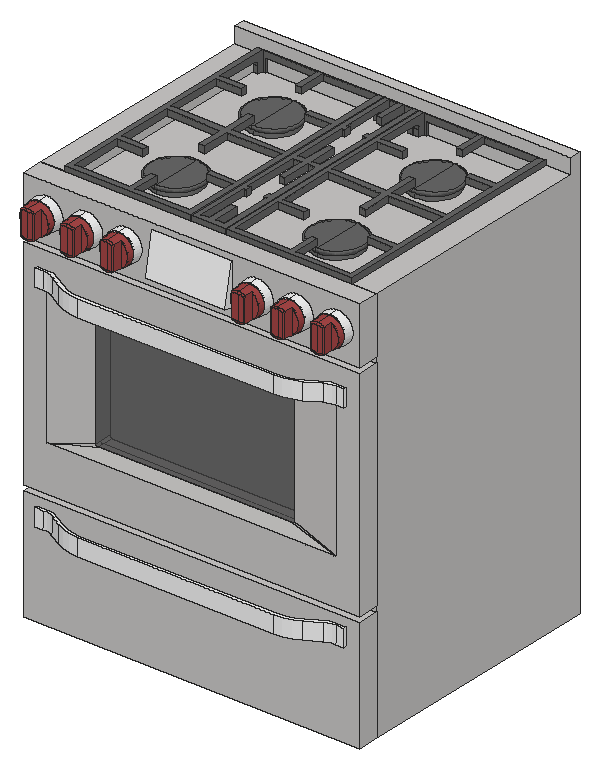
Revit family "M_Fogão-gás", category Equipamento especial, Revit 2019
Family settings
  Cota do conector redondo = Utilizar diâmetro
  Tipo de parte = Normal
  Número OmniClass = 23.40.40.14
  Título OmniClass = Food Service Equipment
  Com base no plano de trabalho = Não
  Sempre na vertical = Sim
  Corte com vazios quando carregada = Não
  Compartilhado = Não
  Ponto de cálculo do ambiente = Não
Parameters (values of type "750mm")
  Largura = 750 mm
  Deslocamento de parede = 0 mm
  Voltagem = 120 V
  Type Comments = ""
  Acabamento da moldura = Eletrodoméstico – Cromado
  Mostrar legenda = yes
  Consumo de energia = 100 VA
  Queimador principal = Largura > 750 mm  # no
  Legenda = "Faixa"
  Botão = Eletrodoméstico – Plástico – Vermelho
  Altura = 950 mm
  Queimador da chapa = Largura < 750 mm  # no
  Largura da grelha = (Largura - 100 mm) / 2  # 325 mm
  Profundidade da grelha = Linear - 100 mm  # 550 mm
  Vidro = Eletrodoméstico – Vidro do forno
  Descrição = "Fogão a gás"
  Linear = 650 mm
  D = Linear - 100 mm  # 550 mm
  Queimador = Eletrodoméstico – Tampa do queimador
  Código de montagem = "E1090320"
  Acabamento do eletrodoméstico = Eletrodoméstico – Aço inoxidável – Semipolido
  Amperagem = Consumo de energia / Voltagem  # 0.833333 A
Types (2, lengths in mm): name | Largura | Queimador principal | Largura da grelha
  750mm | 750 | no | 325
  900mm | 900 | yes | 400
Reference planes
  plane 1 "Parte posterior": y = 0
  plane 2: z = 0
  plane 3 "Centro (Esquerda/Direita)": x = 0
  plane 4 "Esquerda": x = -375
  plane 5 "Direita": x = 375
  plane 6: y = 0
  plane 7 "Aresta": y = -650
  plane 8 "Traseira da porta": y = -566
  plane 9 "Superior": z = 950
  plane 10 "Unidade B.O.": z = 25.4
  plane 11 "Queimador": z = 915
  plane 12: z = 276.9
  plane 13 "Puxador": z = 699.1
  plane 14 "Face da porta": y = -614
  plane 15 "Rodas": y = -78.725
  plane 16: x = 319.438
  plane 17 "3": x = -322.612
  plane 18: x = 191.028
  plane 19: x = -194.202
  plane 20: x = -375
  plane 21: x = -65.792
  plane 22: x = 62.618
  plane 23: x = -286.1
  plane 24: x = -196.1
  plane 25: x = 286.1
  plane 26: x = 196.1
  plane 27: x = 101.334
  plane 28: z = 883.06
  plane 29: x = -375
  plane 30: x = 0
  plane 31: y = -904
  plane 32: x = 10.16
  plane 33: x = 30.48
  plane 34: x = 283.369
  plane 35 "1": x = -108.596
  plane 36: x = 127.413
  plane 37 "2": x = 105.421
  plane 38: x = -406.75
  plane 39: x = 193.675
  plane 40: x = -18.902
  plane 41: x = 15.727
  plane 42: x = 63.5
  plane 43: x = -63.5
  plane 44: z = 238.8
  plane 45: x = -106.109
  plane 46: x = 106.109
  plane 47: x = -88.9
  plane 48: x = 56.059
  plane 49: x = 88.9
  plane 50: z = 844.96
  plane 51: x = -40.037
  plane 52: x = 36.863
  plane 53: x = -181.325
  plane 54: y = -430.85
  plane 55: y = -160.55
  plane 56: x = 178.15
  plane 57: y = -295.7
  plane 58: y = -25.4
  plane 59: x = -324.2
  plane 60: x = -235.3
  plane 61: x = -146.4
  plane 62: x = 324.2
  plane 63: x = 235.3
  plane 64: x = 146.4
  plane 65 "4"": z = 391.2
  plane 66: z = 680.05
  plane 67: z = 654.65
  plane 68: z = 416.6
  plane 69: x = -324.2
  plane 70: x = 324.2
  plane 71: x = 222.6
  plane 72: x = -222.6
  plane 73: z = 788
  plane 74: z = 775.3
  plane 75: z = 851.5
  plane 76: z = 699.1
  plane 77: z = 289.6
Forms (mm)
  Extrusion 1, void
    sketch origin (0, 0, 950) x (-1, 0, 0) y (0, -1, 0)
      loop
        line (322.612, 25.4) -> (322.612, 566) -> (-319.438, 566) -> (-319.438, 25.4) -> (322.612, 25.4)
    from 0 to -66.94
  Extrusion 2, solid, material "Eletrodoméstico – Aço inoxidável – Semipolido" <- "Acabamento do eletrodoméstico"
    sketch origin (0, 0, 0) x (0, 1, 0) y (0, 0, 1)
      loop
        line (-25.4, 950) -> (-25.4, 915) -> (-566, 915) -> (-566, 25.4) -> (0, 25.4) -> (0, 950) -> (-25.4, 950)
    from -375 to 375
  Extrusion 3, void
    sketch origin (0, -614, 0) x (0, 0, 1) y (-1, 0, 0)
      loop
        arc (680.05, 217.838) -> (678.655, 221.205) -> (675.287, 222.6) r 4.763
        line (675.287, 222.6) -> (421.363, 222.6)
        arc (421.363, 222.6) -> (417.995, 221.205) -> (416.6, 217.837) r 4.763
        line (416.6, 217.837) -> (416.6, -217.838)
        arc (416.6, -217.838) -> (417.995, -221.205) -> (421.363, -222.6) r 4.763
        line (421.363, -222.6) -> (675.287, -222.6)
        arc (675.287, -222.6) -> (678.655, -221.205) -> (680.05, -217.838) r 4.763
        line (680.05, -217.838) -> (680.05, 217.838)
    from -48 to -10
  Blend 4, void
    base sketch origin (0, -614, 0) x (0, 0, 1) y (-1, 0, 0)
      loop
        line (699.1, 324.2) -> (391.2, 324.2) -> (391.2, -324.2) -> (699.1, -324.2) -> (699.1, 324.2)
    top sketch origin (0, -614, 0) x (0, 0, 1) y (-1, 0, 0)
      loop
        line (680.05, -217.837) -> (680.05, 217.837)
        arc (680.05, 217.837) -> (678.655, 221.205) -> (675.287, 222.6) r 4.763
        line (675.287, 222.6) -> (421.363, 222.6)
        arc (421.363, 222.6) -> (417.995, 221.205) -> (416.6, 217.837) r 4.763
        line (416.6, 217.837) -> (416.6, -217.838)
        arc (416.6, -217.838) -> (417.995, -221.205) -> (421.363, -222.6) r 4.763
        line (421.363, -222.6) -> (675.287, -222.6)
        arc (675.287, -222.6) -> (678.655, -221.205) -> (680.05, -217.837) r 4.763
    from 0 to -10
  Extrusion 5, solid, material "Eletrodoméstico – Vidro do forno" <- "Vidro"
    sketch origin (0, -614, 0) x (0, 0, 1) y (-1, 0, 0)
      loop
        line (680.05, -217.837) -> (680.05, 217.837)
        arc (680.05, 217.837) -> (678.655, 221.205) -> (675.287, 222.6) r 4.763
        line (675.287, 222.6) -> (421.363, 222.6)
        arc (421.363, 222.6) -> (417.995, 221.205) -> (416.6, 217.837) r 4.763
        line (416.6, 217.837) -> (416.6, -217.838)
        arc (416.6, -217.838) -> (417.995, -221.205) -> (421.363, -222.6) r 4.763
        line (421.363, -222.6) -> (675.287, -222.6)
        arc (675.287, -222.6) -> (678.655, -221.205) -> (680.05, -217.837) r 4.763
    from -10 to -22.721
  Extrusion 6, solid, material "Eletrodoméstico – Cromado" <- "Acabamento da moldura", detail levels medium+fine
    sketch origin (0, 0, 52.752) x (0, 1, 0) y (0, 0, 1)
      loop
        line (-614, 849.372) -> (-631.969, 758.885) -> (-614, 754.923) -> (-614, 849.372)
    from -88.9 to 88.9
  Extrusion 7, solid, material "Eletrodoméstico – Aço inoxidável – Semipolido" <- "Acabamento do eletrodoméstico"
    sketch origin (-181.325, -378.719, 1219.2) x (0, 1, 0) y (0, 0, 1)
      loop
        line (-187.281, -304.2) -> (-235.281, -304.2) -> (-235.281, -431.2) -> (-187.281, -431.2) -> (-187.281, -304.2)
      loop
        line (-187.281, -443.9) -> (-235.281, -443.9) -> (-235.281, -929.6) -> (-187.281, -929.6) -> (-187.281, -443.9)
      loop
        line (-187.281, -942.3) -> (-235.281, -942.3) -> (-235.281, -1193.8) -> (-187.281, -1193.8) -> (-187.281, -942.3)
    from 556.325 to -193.675
  Extrusion 8, solid, material "Eletrodoméstico – Aço inoxidável – Semipolido" <- "Acabamento do eletrodoméstico"
    sketch origin (0, 0, 811.512) x (-1, 0, 0) y (0, -1, 0)
      loop
        line (324.2, 0) -> (324.2, 566) -> (286.1, 566) -> (286.1, 0) -> (324.2, 0)
      loop
        line (-286.1, 0) -> (-286.1, 566) -> (-319.438, 566) -> (-319.438, 0) -> (-286.1, 0)
    from -811.512 to -786.112
Cuts and joins
  Extrusion 1 cuts Extrusion 2
  Extrusion 3, Blend 4 cuts Extrusion 7
Lines and regions (mm)
  Split face 1
    outline origin (375, 0, 25.4) x (-1, 0, 0) y (0, 0, 1)
      loop
        circle (144.729, 120) r 12.7
  Split face 2
    outline origin (375, 0, 25.4) x (-1, 0, 0) y (0, 0, 1)
      loop
        circle (233.045, 120) r 12.7
  Split face 3
    outline origin (0, -631.969, 811.637) x (0, 0.194773, 0.980848) y (-1, 0, 0)
      loop
        line (82.751, 71.206) -> (59.54, 71.206) -> (59.54, 0) -> (82.751, 0) -> (82.751, 71.206)
Dimensions and locks
  equal spacing: plane 4 "Esquerda", plane 3 "Centro (Esquerda/Direita)", plane 5 "Direita"
  "Largura": plane 4 "Esquerda" to plane 5 "Direita"
  "Linear": plane 6 to plane 7 "Aresta"
  "Altura": plane 9 "Superior" to level
  locked: plane 8 "Traseira da porta" to plane 7 "Aresta" at 84
  locked: plane 9 "Superior" to plane 11 "Queimador" at 35
  locked: plane 6 to Extrusion 2 sketch curve at 25.4
  plane 6 to Extrusion 1 sketch curve = 25.4 mm
  locked: plane 7 "Aresta" to plane 14 "Face da porta" at 36
  plane 6 to plane 15 "Rodas" = 78.725 mm
  locked: plane 16 to plane 5 "Direita" at 55.562
  plane 4 "Esquerda" to plane 17 "3" = 52.388 mm
  "Largura": plane 5 "Direita" to plane 20
  equal spacing: plane 17 "3", plane 19, plane 21, plane 22, plane 18, plane 16
  plane 24 to plane 23 to plane 4 "Esquerda" = 90 mm locked, 88.9 mm locked
  plane 5 "Direita" to plane 25 to plane 26 = 88.9 mm locked, 90 mm locked
  locked: plane 18 to plane 27 at 89.694
  locked: plane 9 "Superior" to plane 28 at 66.94
  equal spacing: plane 4 "Esquerda", plane 29, plane 20
  equal spacing: plane 20, plane 30, plane 5 "Direita"
  locked: plane 7 "Aresta" to plane 31 at 254
  plane 17 "3" to plane 35 "1" to plane 36 to plane 16 = 214.017 mm, 236.008 mm, 192.025 mm  (x2)
  plane 23 to plane 24 = 90 mm
  locked: plane 20 to plane 38 at 31.75
  plane 34 to plane 39 = 89.694 mm
  locked: plane 40 to plane 35 "1" at 89.694
  locked: plane 37 "2" to plane 41 at 89.694
  equal spacing: plane 17 "3", plane 35 "1", plane 37 "2", plane 16
  locked: plane 29 to plane 17 "3" at 52.388
  locked: plane 12 to plane 44 at 38.1
  locked: plane 45 to plane 24 at 89.991
  locked: plane 26 to plane 46 at 89.991
  locked: plane 3 "Centro (Esquerda/Direita)" to plane 47 at 88.9
  locked: plane 49 to plane 3 "Centro (Esquerda/Direita)" at 88.9
  locked: plane 28 to plane 50 at 38.1
  plane 51 to plane 52 = 76.9 mm
  plane 19 to plane 53 to plane 47 = 12.878 mm, 92.425 mm
  locked: plane 17 "3" to plane 51 at 282.575
  locked: plane 52 to plane 16 at 282.575
  locked: plane 17 "3" to plane 53 at 141.287
  locked: plane 56 to plane 16 at 141.288
  plane 58 to plane 55 to plane 57 to plane 54 to plane 8 "Traseira da porta" = 135.15 mm, 135.15 mm, 135.15 mm, 135.15 mm
  equal spacing: plane 58, plane 55, plane 57, plane 54, plane 8 "Traseira da porta"
  plane 8 "Traseira da porta" to plane 7 "Aresta" = 84 mm
  locked: plane 59 to plane 29 at 50.8
  locked: plane 60 to plane 59 at 88.9
  locked: plane 61 to plane 60 at 88.9
  locked: plane 5 "Direita" to plane 62 at 50.8
  locked: plane 62 to plane 63 at 88.9
  locked: plane 63 to plane 64 at 88.9
  locked: plane 13 "Puxador" to plane 66 at 19.05
  locked: plane 66 to plane 67 at 25.4
  locked: plane 68 to plane 65 "4"" at 25.4
  locked: plane 69 to plane 29 at 50.8
  locked: plane 5 "Direita" to plane 70 at 50.8
  locked: plane 70 to plane 71 at 101.6
  locked: plane 72 to plane 69 at 101.6
  locked: plane 11 "Queimador" to plane 73 at 127
  locked: plane 73 to plane 74 at 12.7
  equal spacing: plane 11 "Queimador", plane 75, plane 73
  plane 74 to plane 76 = 76.2 mm
  locked: plane 65 "4"" to plane 77 at 101.6
  locked: plane 10 "Unidade B.O." to plane 2 at 25.4
  locked: plane 6 to plane 58 at 25.4
  locked: plane 77 to plane 12 at 12.7
  "Deslocamento de parede": plane 1 "Parte posterior" to plane 6
  aligned and locked: plane 2 to level
  aligned and locked: plane 9 "Superior" to Extrusion 2 sketch curve
  aligned and locked: plane 5 "Direita" to Extrusion 2
  aligned and locked: Extrusion 2 to plane 4 "Esquerda"
  aligned and locked: Extrusion 2 sketch curve to plane 10 "Unidade B.O."
  aligned and locked: plane 11 "Queimador" to Extrusion 2 sketch curve
  aligned and locked: Extrusion 2 sketch curve to plane 6
  aligned and locked: plane 14 "Face da porta" to nested 2
  aligned and locked: plane 8 "Traseira da porta" to Extrusion 3
  aligned and locked: plane 14 "Face da porta" to nested 3
  aligned and locked: plane 14 "Face da porta" to nested 4
  aligned and locked: plane 14 "Face da porta" to nested 5
  aligned and locked: plane 17 "3" to Extrusion 1 sketch curve
  aligned and locked: Extrusion 1 sketch curve to plane 16
  aligned and locked: plane 14 "Face da porta" to nested 6
  aligned and locked: nested 1 to plane 31
  aligned and locked: plane 3 "Centro (Esquerda/Direita)" to nested 2
  aligned and locked: plane 3 "Centro (Esquerda/Direita)" to nested 1
  aligned and locked: plane 44 to nested 7
  aligned and locked: plane 47 to Extrusion 6
  aligned and locked: Extrusion 6 to plane 49
  aligned and locked: plane 28 to nested 10
  aligned and locked: nested 10 to plane 8 "Traseira da porta"
  aligned and locked: nested 11 to plane 8 "Traseira da porta"
  aligned and locked: nested 12 to plane 51
  aligned and locked: nested 12 to plane 8 "Traseira da porta"
  aligned and locked: plane 14 "Face da porta" to nested 8
  aligned and locked: plane 14 "Face da porta" to nested 9
  aligned and locked: plane 14 "Face da porta" to nested 7
  aligned and locked: plane 17 "3" to nested 10
  aligned and locked: nested 10 to plane 51
  aligned and locked: nested 11 to plane 52
  aligned and locked: nested 12 to plane 52
  aligned and locked: plane 16 to nested 11
  aligned and locked: nested 13 to plane 53
  aligned and locked: nested 13 to plane 54
  aligned and locked: nested 14 to plane 55
  aligned and locked: plane 53 to nested 14
  aligned and locked: plane 55 to nested 15
  aligned and locked: plane 56 to nested 15
  aligned and locked: nested 16 to plane 56
  aligned and locked: plane 54 to nested 16
  aligned and locked: plane 28 to nested 13
  aligned and locked: plane 28 to nested 14
  aligned and locked: plane 28 to nested 16
  aligned and locked: plane 28 to nested 15
  aligned and locked: plane 28 to nested 11
  aligned and locked: plane 28 to nested 12
  aligned and locked: plane 3 "Centro (Esquerda/Direita)" to nested 17
  aligned and locked: plane 3 "Centro (Esquerda/Direita)" to nested 18
  aligned and locked: plane 3 "Centro (Esquerda/Direita)" to nested 19
  aligned and locked: nested 19 to plane 57
  aligned and locked: plane 28 to nested 18
  aligned and locked: plane 28 to nested 17
  aligned and locked: plane 54 to nested 18
  aligned and locked: plane 55 to nested 17
  aligned and locked: plane 28 to nested 19
  aligned and locked: nested 5 to plane 59
  aligned and locked: nested 4 to plane 60
  aligned and locked: nested 8 to plane 61
  aligned and locked: nested 6 to plane 62
  aligned and locked: nested 3 to plane 63
  aligned and locked: nested 9 to plane 64
  aligned and locked: plane 65 "4"" to Blend 4 sketch curve
  aligned and locked: Blend 4 sketch curve to plane 70
  aligned and locked: Blend 4 sketch curve to plane 72
  aligned and locked: Blend 4 sketch curve to plane 71
  aligned and locked: plane 68 to Blend 4 sketch curve
  aligned and locked: Extrusion 5 sketch curve to plane 72
  aligned and locked: Extrusion 5 sketch curve to plane 71
  aligned and locked: plane 68 to Extrusion 5 sketch curve
  aligned and locked: Extrusion 3 sketch curve to plane 68
  aligned and locked: Extrusion 3 sketch curve to plane 72
  aligned and locked: Extrusion 3 sketch curve to plane 71
  aligned and locked: plane 8 "Traseira da porta" to Extrusion 2 sketch curve
  aligned and locked: plane 75 to nested 5
  aligned and locked: plane 75 to nested 4
  aligned and locked: plane 75 to nested 8
  aligned and locked: plane 75 to nested 9
  aligned and locked: plane 75 to nested 3
  aligned and locked: plane 75 to nested 6
  aligned and locked: nested 2 to plane 76
  aligned and locked: plane 13 "Puxador" to plane 76
  aligned and locked: Extrusion 7 sketch curve to plane 14 "Face da porta"  (x3)
  aligned and locked: plane 10 "Unidade B.O." to Extrusion 7 sketch curve
  aligned and locked: Extrusion 7 sketch curve to plane 8 "Traseira da porta"  (x3)
  aligned and locked: Extrusion 7 sketch curve to plane 12
  aligned and locked: Extrusion 7 sketch curve to plane 74
  aligned and locked: plane 73 to Extrusion 7 sketch curve
  aligned and locked: Extrusion 7 sketch curve to plane 11 "Queimador"
  aligned and locked: Extrusion 7 to plane 29
  aligned and locked: plane 5 "Direita" to Extrusion 7
  aligned and locked: plane 77 to Extrusion 7 sketch curve
  aligned and locked: Blend 4 sketch curve to plane 76
  aligned and locked: Blend 4 sketch curve to plane 66
  aligned and locked: Extrusion 5 sketch curve to plane 66
  aligned and locked: Extrusion 3 sketch curve to plane 66
  aligned and locked: plane 69 to Extrusion 8 sketch curve
  aligned and locked: plane 23 to Extrusion 8 sketch curve
  aligned and locked: plane 6 to Extrusion 8 sketch curve  (x2)
  aligned and locked: plane 8 "Traseira da porta" to Extrusion 8 sketch curve  (x2)
  aligned and locked: nested 15 to Extrusion 8 sketch curve
  aligned and locked: plane 25 to Extrusion 8 sketch curve
  aligned and locked: plane 10 "Unidade B.O." to Extrusion 8
  aligned and locked: Extrusion 8 to plane 2
Automatic sketch dimensions
  Extrusion 1 sketch curve to plane 8 "Traseira da porta" = 0 mm
  Extrusion 3 sketch curve to Extrusion 3 sketch curve = 4.763 mm
  Extrusion 3 sketch curve to Extrusion 3 sketch curve = 4.762 mm
  Blend 4 sketch curve to plane 24 = 21.738 mm
  Blend 4 sketch curve to Blend 4 sketch curve = 4.763 mm  (x2)
  plane 13 "Puxador" to Blend 4 sketch curve = 23.813 mm
  Extrusion 5 sketch curve to plane 24 = 21.738 mm
  Extrusion 5 sketch curve to Extrusion 5 sketch curve = 4.763 mm  (x2)
  plane 13 "Puxador" to Extrusion 5 sketch curve = 23.813 mm
  Split face 1 sketch curve to cut or joined group of Extrusion 1, Extrusion 2 = 144.729 mm
  Split face 1 sketch curve to cut or joined group of Extrusion 1, Extrusion 2 = 120 mm
  Split face 2 sketch curve to cut or joined group of Extrusion 1, Extrusion 2 = 233.045 mm
  Split face 2 sketch curve to cut or joined group of Extrusion 1, Extrusion 2 = 120 mm
  Extrusion 6 sketch curve to plane 14 "Face da porta" = 0 mm
  plane 14 "Face da porta" to Extrusion 6 sketch curve = 17.969 mm
  Extrusion 6 to Split face 3 sketch curve = 32.714 mm
  Extrusion 6 to Split face 3 sketch curve = 9.503 mm
  Split face 3 sketch curve to Extrusion 6 = 88.9 mm
  Split face 3 sketch curve to Extrusion 6 = 17.694 mm
  plane 59 to Blend 4 sketch curve = 0 mm
  plane 67 to Extrusion 3 sketch curve = 20.637 mm
  plane 68 to Extrusion 3 sketch curve = 4.762 mm
  plane 74 to Extrusion 6 sketch curve = 36.337 mm
  Extrusion 6 sketch curve to Extrusion 6 sketch curve = 3.962 mm
  Extrusion 6 sketch curve to plane 50 = 57.165 mm
  radius of Split face 1 sketch curve = 12.7 mm
  radius of Split face 2 sketch curve = 12.7 mm
Nested families
  nested 1: "Anotação de legenda de 2,5" at (0, -904, 0), visible <- "Mostrar legenda", type "Anotação de legenda de 2,5"
  nested 2: "M_Puxador" at (0, -614, 718.15), Largura da unidade <- "Largura", Concluir <- "Acabamento da moldura", type "M_Puxador", detail levels medium+fine
    with Largura da unidade 750 mm, Concluir Eletrodoméstico – Cromado
  nested 3: "M_Botão" at (235.3, -614, 851.5), type "M_Botão", detail levels medium+fine
  nested 4: "M_Botão" at (-235.3, -614, 851.5), type "M_Botão", detail levels medium+fine
  nested 5: "M_Botão" at (-324.2, -614, 851.5), type "M_Botão", detail levels medium+fine
  nested 6: "M_Botão" at (324.2, -614, 851.5), type "M_Botão", detail levels medium+fine
  nested 7: "M_Puxador" at (0, -614, 238.8), Largura da unidade <- "Largura", Concluir <- "Acabamento da moldura", type "M_Puxador", detail levels medium+fine
    with Largura da unidade 750 mm, Concluir Eletrodoméstico – Cromado
  nested 8: "M_Botão" at (-146.4, -614, 851.5), type "M_Botão", detail levels medium+fine
  nested 9: "M_Botão" at (146.4, -614, 851.5), type "M_Botão", detail levels medium+fine
  nested 10: "M_Grelha" at (-181.325, -291, 883.06), type "M_Grelha", detail levels fine
    with Largura da grelha 282.575 mm, Profundidade da grelha 550 mm
  nested 11: "M_Grelha" at (178.15, -291, 883.06), type "M_Grelha", detail levels fine
    with Largura da grelha 282.575 mm, Profundidade da grelha 550 mm
  nested 12: "M_Grelha" at (-1.587, -291, 883.06), type "M_Grelha", detail levels fine
    with Largura da grelha 76.9 mm, Profundidade da grelha 550 mm
  nested 13: "M_Queimador principal" at (-181.325, -430.85, 883.06), type "M_Queimador principal"
  nested 14: "M_Queimador principal" at (-181.325, -160.55, 883.06), type "M_Queimador principal"
  nested 15: "M_Queimador principal" at (178.15, -160.55, 883.06), type "M_Queimador principal"
  nested 16: "M_Queimador principal" at (178.15, -430.85, 883.06), type "M_Queimador principal"
  nested 17: "M_Queimador principal" at (0, -160.55, 883.06), visible <- "Queimador principal", type "M_Queimador principal"
  nested 18: "M_Queimador principal" at (0, -430.85, 883.06), visible <- "Queimador principal", type "M_Queimador principal"
  nested 19: "M_Queimador da chapa" at (0, -295.7, 883.06), visible <- "Queimador da chapa", type "M_Queimador da chapa"
    with Comprimento do queimador 550 mm
Connectors
  electrical at (230.271, 0, 145.4), driven by "Voltagem", driven by "Consumo de energia"
    settings: on cut or joined group of Extrusion 1, Extrusion 2, index 1, voltage 120 V, apparent load 100 VA, apparent load phase1 0 VA, apparent load phase2 0 VA, apparent load phase3 0 VA, power factor 1, load classification "Eletrodoméstico", number of poles 1, system type 30, power factor state 1, is connector primary yes, connector utility no, sub classification motor no, connector description "Fogão elétrico"
  piping at (141.955, 0, 145.4), diameter 12.7
    settings: on cut or joined group of Extrusion 1, Extrusion 2, index 2, connector inside diameter 609.6 mm, connector length 0 mm, flow factor 0, pipe flow 0.0 L/s, pressure drop 0.0 Pa, fitting loss kfactor 0, connector angle 0.00°, fixture units 0, engagement length 0 mm, angle of deflection 0.00°, flow configuration 1, flow direction 1, fitting loss method 0, system type 22, joint type 0, gender type 0, connector reference index -1, connector utility 0, adjustable connector no, is connector primary yes, connector description "Fogão a gás"
Definition of nested family "M_Puxador"
  Parameters (values of type "Puxador")
    Largura da unidade [instance] = 900 mm
    Deslocamento do puxador B = 30 mm
    Deslocamento do puxador A = 30 mm
    Concluir [instance] = none
  Reference planes
    plane 1 "Centro (Frente/Trás)": y = 0
    plane 2: z = 0
    plane 3 "Centro (Esquerda/Direita)": x = 0
    plane 4 "Superfície A": x = -450
    plane 5 "Superfície B": x = 450
    plane 6 "Puxador A": x = -420
    plane 7 "Puxador B": x = 420
    plane 8: z = 19.05
    plane 9: z = -19.05
  Forms (mm)
    Extrusion 1, solid, material <- "Concluir", detail levels medium+fine
      sketch origin (-3.175, 638.687, -262.85) x (-1, 0, 0) y (0, -1, 0)
        loop
          line (290.881, 683.137) -> (-297.231, 683.137)
          arc (-297.231, 683.137) -> (-325.17, 679.459) -> (-351.206, 668.675) r 107.95
          line (-351.206, 668.675) -> (-380.359, 651.843)
          arc (-380.359, 651.843) -> (-392.611, 646.768) -> (-405.759, 645.037) r 50.8
          line (-405.759, 645.037) -> (-423.175, 645.037) -> (-423.175, 638.687) -> (-390.445, 638.687) -> (-348.031, 663.176)
          arc (-348.031, 663.176) -> (-323.527, 673.326) -> (-297.231, 676.787) r 101.6
          line (-297.231, 676.787) -> (290.881, 676.787)
          arc (290.881, 676.787) -> (317.177, 673.326) -> (341.681, 663.176) r 101.6
          line (341.681, 663.176) -> (384.095, 638.687) -> (416.825, 638.687) -> (416.825, 645.037) -> (399.409, 645.037)
          arc (399.409, 645.037) -> (386.261, 646.768) -> (374.009, 651.843) r 50.8
          line (374.009, 651.843) -> (344.856, 668.675)
          arc (344.856, 668.675) -> (318.82, 679.459) -> (290.881, 683.137) r 107.95
      from 243.8 to 281.9
  Dimensions and locks
    "Largura da unidade": plane 5 "Superfície B" to plane 4 "Superfície A"
    equal spacing: plane 5 "Superfície B", plane 3 "Centro (Esquerda/Direita)", plane 4 "Superfície A"
    "Deslocamento do puxador A": plane 6 "Puxador A" to plane 4 "Superfície A"
    "Deslocamento do puxador B": plane 5 "Superfície B" to plane 7 "Puxador B"
    equal spacing: plane 8, plane 2, plane 9
    locked: plane 8 to plane 9 at 38.1
    aligned and locked: level to plane 2
    aligned and locked: Extrusion 1 sketch curve to plane 6 "Puxador A"
    aligned and locked: plane 1 "Centro (Frente/Trás)" to Extrusion 1 sketch curve
    aligned and locked: Extrusion 1 sketch curve to plane 7 "Puxador B"
    aligned and locked: Extrusion 1 sketch curve to plane 1 "Centro (Frente/Trás)"
    aligned and locked: plane 8 to Extrusion 1
    aligned and locked: Extrusion 1 to plane 9
  Automatic sketch dimensions
    Extrusion 1 sketch curve to Extrusion 1 sketch curve = 0 mm  (x5)
    Extrusion 1 sketch curve to Extrusion 1 sketch curve = 17.416 mm  (x2)
    Extrusion 1 sketch curve to Extrusion 1 sketch curve = 15.313 mm
    Extrusion 1 sketch curve to Extrusion 1 sketch curve = 10.087 mm  (x2)
    Extrusion 1 sketch curve to Extrusion 1 sketch curve = 29.153 mm  (x2)
    Extrusion 1 sketch curve to Extrusion 1 sketch curve = 50.8 mm  (x2)
    Extrusion 1 sketch curve to Extrusion 1 sketch curve = 25.4 mm
    Extrusion 1 sketch curve to Extrusion 1 sketch curve = 29.987 mm
    Extrusion 1 sketch curve to Extrusion 1 sketch curve = 6.35 mm  (x2)
    Extrusion 1 sketch curve to Extrusion 1 sketch curve = 13.156 mm
    Extrusion 1 sketch curve to Extrusion 1 sketch curve = 3.175 mm
    Extrusion 1 sketch curve to Extrusion 1 sketch curve = 53.975 mm
    Extrusion 1 sketch curve to plane 1 "Centro (Frente/Trás)" = 63.5 mm  (x2)
    plane 1 "Centro (Frente/Trás)" to Extrusion 1 sketch curve = 13.156 mm
    Extrusion 1 sketch curve to Extrusion 1 sketch curve = 5.499 mm
Definition of nested family "M_Botão"
  Parameters (values of type "Botão")
    Material = none
    Material da moldura = none
  Reference planes
    plane 1 "Centro (Frente/Trás)": y = 0
    plane 2: z = 0
    plane 3 "Centro (Esquerda/Direita)": x = 0
    plane 4: y = -35
    plane 5: y = -55
  Forms (mm)
    Revolve 1, solid, material <- "Material"
      sketch origin (0, 0, 0) x (0, 1, 0) y (0, 0, 1)
        loop
          line (0, 35) -> (-20, 33) -> (-20, 32) -> (-52.687, 31.066)
          arc (-52.687, 31.066) -> (-54.326, 30.345) -> (-55, 28.686) r 2.381
          line (-55, 28.686) -> (-55, 0) -> (0, 0) -> (0, 35)
        axis (0, 0) -> (-55, 0)
      angle from 0 to 360
    Extrusion 2, void
      sketch origin (0, 0, 0) x (1, 0, 0) y (0, 1, 0)
        loop
          line (31.571, -35) -> (15, -35) -> (15, -52.619)
          arc (15, -52.619) -> (14.303, -54.303) -> (12.619, -55) r 2.381
          line (12.619, -55) -> (31.571, -55) -> (31.571, -35)
        loop
          line (-31.571, -35) -> (-31.571, -55) -> (-12.619, -55)
          arc (-12.619, -55) -> (-14.303, -54.303) -> (-15, -52.619) r 2.381
          line (-15, -52.619) -> (-15, -35) -> (-31.571, -35)
      from -34.753 to 36.709
  Cuts and joins
    Extrusion 2 cuts Revolve 1
  Dimensions and locks
    plane 5 to plane 4 to plane 1 "Centro (Frente/Trás)" = 20 mm locked, 35 mm locked
    aligned and locked: plane 2 to level
    aligned and locked: Revolve 1 sketch curve to level
    aligned and locked: plane 4 to Extrusion 2 sketch curve
    aligned and locked: Extrusion 2 sketch curve to plane 5
Definition of nested family "M_Grelha"
  Parameters (values of type "Grelha")
    Largura da grelha [instance] = 280 mm
    Espessura da grelha = 12.5 mm
    Profundidade da grelha = 560 mm
    Grelha = none
    Mostrar painel = yes
    Mostrar grelha = yes
    Tem queimadores = yes
  Reference planes
    plane 1: y = 0
    plane 2 "Inferior": z = 0
    plane 3: x = 0
    plane 4: y = 280
    plane 5: x = 140
    plane 6: y = -280
    plane 7: x = -140
    plane 8 "Queimador T.O.": z = 28.575
    plane 9 "Queimador posterior": y = 140
    plane 10 "Queimador frontal": y = -140
    plane 11: z = 42.862
    plane 12 "Grelha B.O.": z = 0
    plane 13 "Painel T.O.": z = 14.287
    plane 14: x = 127.5
    plane 15: x = -127.5
    plane 16: y = 267.5
    plane 17: y = 146.25
    plane 18: y = 6.25
    plane 19: y = -6.25
    plane 20: y = -267.5
    plane 21: y = 133.75
    plane 22: y = -133.75
    plane 23: y = -146.25
    plane 24: x = -70
    plane 25: x = 70
    plane 26: x = -6.25
    plane 27: x = 6.25
  Forms (mm)
    Extrusion 1, solid, material <- "Grelha", visible <- "Mostrar grelha"
      sketch origin (0, 0, 14.287) x (-1, 0, 0) y (0, -1, 0)
        loop
          line (140, -280) -> (140, 280) -> (-140, 280) -> (-140, -280) -> (140, -280)
        loop
          line (127.5, -267.5) -> (127.5, -146.25) -> (70, -146.25) -> (70, -133.75) -> (127.5, -133.75) -> (127.5, -6.25) -> (6.25, -6.25) -> (6.25, -70) -> (-6.25, -70) -> (-6.25, -6.25) -> (-127.696, -6.25) -> (-127.696, -133.75) -> (-70, -133.75) -> (-70, -146.25) -> (-127.696, -146.25) -> (-127.696, -267.5) -> (-6.25, -267.5) -> (-6.25, -206.875) -> (6.25, -206.875) -> (6.25, -267.5) -> (127.5, -267.5)
        loop
          line (127.5, 267.5) -> (6.25, 267.5) -> (6.25, 206.875) -> (-6.25, 206.875) -> (-6.25, 267.5) -> (-127.696, 267.5) -> (-127.696, 146.25) -> (-70, 146.25) -> (-70, 133.75) -> (-127.696, 133.75) -> (-127.696, 6.25) -> (-6.25, 6.25) -> (-6.25, 70) -> (6.25, 70) -> (6.25, 6.25) -> (127.5, 6.25) -> (127.5, 133.75) -> (70, 133.75) -> (70, 146.25) -> (127.5, 146.25) -> (127.5, 267.5)
      from -14.287 to 28.575
    Extrusion 2, void
      sketch origin (433.841, 349.972, -848.839) x (0, 1, 0) y (0, 0, 1)
        loop
          line (-108.072, 877.414) -> (-591.872, 877.414)
          arc (-591.872, 877.414) -> (-600.852, 873.694) -> (-604.572, 864.714) r 12.7
          line (-604.572, 864.714) -> (-604.572, 848.839) -> (-95.372, 848.839) -> (-95.372, 864.714)
          arc (-95.372, 864.714) -> (-99.092, 873.694) -> (-108.072, 877.414) r 12.7
      from -573.841 to -293.841
    Extrusion 3, void
      sketch origin (0, -140, 0) x (1, 0, 0) y (0, 0, 1)
        loop
          line (-120.95, 0) -> (120.95, 0) -> (120.95, 28.575) -> (-120.95, 28.575) -> (-120.95, 0)
      from -420 to 140
  Cuts and joins
    Extrusion 2, Extrusion 3 cuts Extrusion 1
  Dimensions and locks
    "Largura da grelha": plane 7 to plane 5
    "Profundidade da grelha": plane 6 to plane 4
    "Espessura da grelha": plane 18 to plane 19
    equal spacing: plane 18, plane 1, plane 19
    "Espessura da grelha": plane 7 to plane 15
    "Espessura da grelha": plane 14 to plane 5
    "Espessura da grelha": plane 16 to plane 4
    "Espessura da grelha": plane 6 to plane 20
    equal spacing: plane 6, plane 10 "Queimador frontal", plane 1, plane 9 "Queimador posterior", plane 4
    equal spacing: plane 22, plane 10 "Queimador frontal", plane 23
    equal spacing: plane 17, plane 9 "Queimador posterior", plane 21
    "Espessura da grelha": plane 17 to plane 21
    "Espessura da grelha": plane 22 to plane 23
    locked: plane 4 to Extrusion 2 sketch curve at 25.4
    locked: Extrusion 2 sketch curve to plane 6 at 25.4
    equal spacing: plane 11, plane 8 "Queimador T.O.", plane 13 "Painel T.O.", level
    locked: plane 11 to level at 42.863
    locked: Extrusion 3 sketch curve to plane 7 at 19.05
    locked: plane 5 to Extrusion 3 sketch curve at 19.05
    equal spacing: plane 26, plane 3, plane 27
    "Espessura da grelha": plane 26 to plane 27
    equal spacing: plane 23, Extrusion 1 sketch curve, plane 20
    equal spacing: plane 16, Extrusion 1 sketch curve, plane 17
    equal spacing: plane 21, Extrusion 1 sketch curve, plane 18
    equal spacing: plane 19, Extrusion 1 sketch curve, plane 22
    equal spacing: plane 7, plane 24, plane 3, plane 25, plane 5
    aligned and locked: plane 11 to Extrusion 1
    aligned and locked: plane 4 to Extrusion 1 sketch curve
    aligned and locked: plane 7 to Extrusion 1 sketch curve
    aligned and locked: Extrusion 1 sketch curve to plane 6
    aligned and locked: Extrusion 1 sketch curve to plane 5
    aligned and locked: Extrusion 2 to plane 7
    aligned and locked: plane 5 to Extrusion 2
    aligned and locked: plane 15 to Extrusion 1 sketch curve  (x2)
    aligned and locked: Extrusion 1 sketch curve to plane 16
    aligned and locked: Extrusion 1 to plane 2 "Inferior"
    aligned and locked: Extrusion 2 sketch curve to level
    aligned and locked: Extrusion 2 sketch curve to plane 8 "Queimador T.O."
    aligned and locked: Extrusion 3 sketch curve to plane 8 "Queimador T.O."
    aligned and locked: Extrusion 3 to plane 4
    aligned and locked: plane 6 to Extrusion 3
    aligned and locked: Extrusion 1 sketch curve to plane 23  (x2)
    aligned and locked: plane 22 to Extrusion 1 sketch curve  (x2)
    aligned and locked: plane 20 to Extrusion 1 sketch curve
    aligned and locked: Extrusion 1 sketch curve to plane 18  (x2)
    aligned and locked: Extrusion 1 sketch curve to plane 19  (x2)
    aligned and locked: Extrusion 1 sketch curve to plane 25
    aligned and locked: plane 25 to Extrusion 1 sketch curve
    aligned and locked: Extrusion 1 sketch curve to plane 24
    aligned and locked: plane 24 to Extrusion 1 sketch curve
    aligned and locked: Extrusion 1 sketch curve to plane 26  (x2)
    aligned and locked: plane 26 to Extrusion 1 sketch curve  (x2)
    aligned and locked: plane 27 to Extrusion 1 sketch curve  (x2)
    aligned and locked: Extrusion 1 sketch curve to plane 27  (x2)
  Automatic sketch dimensions
    Extrusion 2 sketch curve to plane 8 "Queimador T.O." = 12.7 mm  (x2)
    Extrusion 3 sketch curve to plane 2 "Inferior" = 0 mm
    Extrusion 1 sketch curve to plane 21 = 0 mm  (x2)
    Extrusion 1 sketch curve to plane 16 = 0 mm
    Extrusion 1 sketch curve to plane 17 = 0 mm  (x2)
    Extrusion 1 sketch curve to plane 15 = 0 mm  (x2)
    Extrusion 1 sketch curve to plane 20 = 0 mm
    plane 14 to Extrusion 1 sketch curve = 0.196 mm  (x4)
Definition of nested family "M_Queimador principal"
  Parameters (values of type "Queimador principal")
    Material do queimador = none
    Tem queimadores = yes
  Reference planes
    plane 1: y = 0
    plane 2 "Inferior": z = 0
    plane 3: x = 0
    plane 4: y = 306.784
    plane 5: x = 141.287
    plane 6: y = -306.784
    plane 7: x = -141.287
    plane 8 "Queimador T.O.": z = 28.575
    plane 9 "Queimador posterior": y = 153.392
    plane 10 "Queimador frontal": y = -153.392
    plane 11: z = 42.862
    plane 12 "Grelha B.O.": z = 0
    plane 13 "Painel T.O.": z = 14.287
    plane 14: x = -70.644
    plane 15: x = 70.644
  Forms (mm)
    Revolve 1, solid, material <- "Material do queimador"
      sketch origin (0, -1524, 0) x (0, 1, 0) y (0, 0, 1)
        loop
          line (1524, 0) -> (1524, 19.05) -> (1466.85, 19.05)
          arc (1466.85, 19.05) -> (1463.675, 15.875) -> (1466.85, 12.7) r 3.175
          line (1466.85, 12.7) -> (1473.2, 12.7) -> (1470.961, 0) -> (1524, 0)
        axis (1524, 19.05) -> (1524, 0)
      angle from 0 to 360
  Dimensions and locks
    plane 7 to plane 5 = 282.575 mm
    plane 6 to plane 4 = 613.569 mm
    equal spacing: plane 6, plane 10 "Queimador frontal", plane 1, plane 9 "Queimador posterior", plane 4
    equal spacing: plane 11, plane 8 "Queimador T.O.", plane 13 "Painel T.O.", level
    locked: plane 11 to level at 42.863
    equal spacing: plane 7, plane 14, plane 3, plane 15, plane 5
    aligned and locked: Revolve 1 sketch curve to plane 1
  Automatic sketch dimensions
    Revolve 1 sketch curve to plane 2 "Inferior" = 0 mm
    Revolve 1 sketch curve to plane 1 = 0 mm
    Revolve 1 sketch curve to plane 13 "Painel T.O." = 1.587 mm
    plane 1 to Revolve 1 sketch curve = 50.8 mm
    Revolve 1 sketch curve to Revolve 1 sketch curve = 2.239 mm
    Revolve 1 sketch curve to Revolve 1 sketch curve = 6.35 mm
    plane 13 "Painel T.O." to Revolve 1 sketch curve = 1.588 mm
    Revolve 1 sketch curve to plane 2 "Inferior" = 4572 mm
    plane 11 to Revolve 1 sketch curve = 4529.138 mm
Definition of nested family "M_Queimador da chapa"
  Parameters (values of type "Queimador da chapa")
    Material do queimador = none
    Tem queimadores = yes
    Comprimento do queimador = 560 mm
  Reference planes
    plane 1: y = 0
    plane 2 "Inferior": z = 0
    plane 3: x = 0
    plane 4: y = 280
    plane 5: x = 141.287
    plane 6: y = -280
    plane 7: x = -141.287
    plane 8 "Queimador T.O.": z = 28.575
    plane 9 "Queimador posterior": y = 140
    plane 10 "Queimador frontal": y = -140
    plane 11: z = 42.862
    plane 12 "Grelha B.O.": z = 0
    plane 13 "Painel T.O.": z = 14.287
    plane 14: x = -70.644
    plane 15: x = 70.644
    plane 16: z = 19.05
  Forms (mm)
    Extrusion 1, solid, material <- "Material do queimador"
      sketch origin (0, 0, 0) x (1, 0, 0) y (0, 1, 0)
        loop
          line (-57.15, 140) -> (-57.15, -140)
          arc (-57.15, -140) -> (0, -197.15) -> (57.15, -140) r 57.15
          line (57.15, -140) -> (57.15, 140)
          arc (57.15, 140) -> (0, 197.15) -> (-57.15, 140) r 57.15
      from 0 to 19.05
    Sweep 2, solid, material <- "Material do queimador"
      path origin (0, 0, 0) x (1, 0, 0) y (0, 1, 0)
        loop
          line (-57.15, 140) -> (-57.15, -140)
          arc (-57.15, -140) -> (0, -197.15) -> (57.15, -140) r 57.15
          line (57.15, -140) -> (57.15, 140)
          arc (57.15, 140) -> (0, 197.15) -> (-57.15, 140) r 57.15
      profile origin (-57.15, 0, 0) x (1, 0, 0) y (0, 0, 1)
        loop
          arc (0, 19.05) -> (-3.175, 15.875) -> (0, 12.7) r 3.175
          line (0, 12.7) -> (0, 19.05)
  Dimensions and locks
    plane 7 to plane 5 = 282.575 mm
    "Comprimento do queimador": plane 6 to plane 4
    equal spacing: plane 6, plane 10 "Queimador frontal", plane 1, plane 9 "Queimador posterior", plane 4
    equal spacing: plane 11, plane 8 "Queimador T.O.", plane 13 "Painel T.O.", level
    locked: plane 11 to level at 42.863
    equal spacing: plane 7, plane 14, plane 3, plane 15, plane 5
    locked: plane 16 to plane 12 "Grelha B.O." at 19.05
    radius of Extrusion 1 sketch curve = 57.15 mm  (x2)
    radius of Sweep 2 sketch curve = 57.15 mm  (x2)
    radius of Sweep 2 sketch curve = 3.175 mm
    aligned and locked: Extrusion 1 to plane 16
  Automatic sketch dimensions
    plane 9 "Queimador posterior" to Extrusion 1 sketch curve = 0 mm
    plane 10 "Queimador frontal" to Extrusion 1 sketch curve = 0 mm
    Extrusion 1 sketch curve to plane 3 = 0 mm
    plane 9 "Queimador posterior" to Sweep 2 sketch curve = 0 mm
    Sweep 2 sketch curve to plane 3 = 0 mm
    plane 10 "Queimador frontal" to Sweep 2 sketch curve = 0 mm
    profile plane to Sweep 2 sketch curve = 0 mm
    level to Sweep 2 sketch curve = 15.875 mm
Definition of nested family "Anotação de legenda de 2,5"
  Parameters
    Legenda = "Congelador 36 LH"
  Reference planes
    plane 1: y = 0
    plane 2: x = 0
  Text (mm)
    label "Legenda" at (0.095, -0.088, 0), shows "Legenda"
